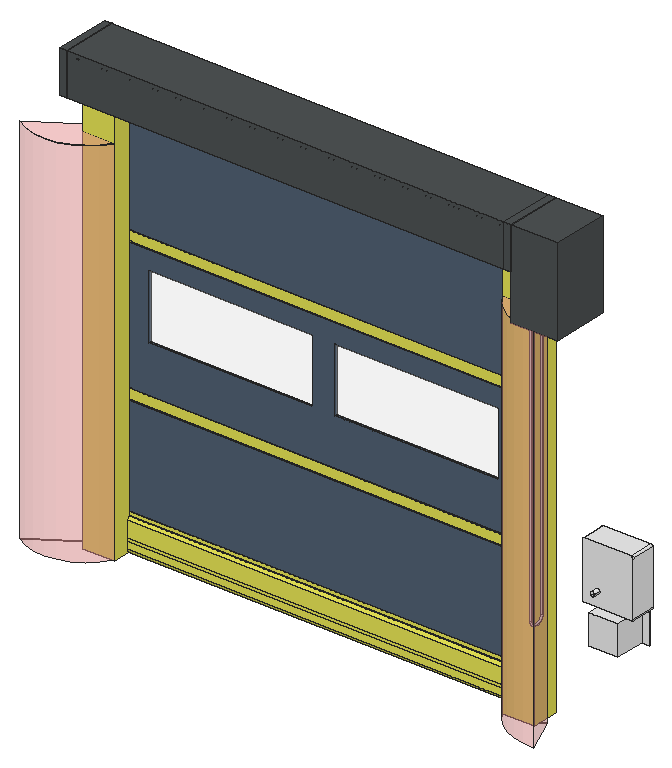
Revit family "Doors_Industrial_Wayne-Dalton_Heaviest-Fabric-High-Speed-Door-Model-884-ADV-Xtreme_", category Specialty Equipment, host Wall, Revit 2019 (continued)
Definition of nested family "Lifts"
  Definition of nested family "General Motor"
    Automatic sketch dimensions
      curve 6 to curve 2 = 1.32157"
      plane 12 "Offset Width" to curve 2 = 1.00344"
      plane 12 "Offset Width" to curve 1 = 1.00344"
      curve 3 to plane 12 "Offset Width" = 1.39712"
      curve 5 to plane 12 "Offset Width" = 1.402"
      curve 5 to curve 5 = 3"
      curve 4 to curve 3 = 1.132"
      Sweep 10 sketch curve to plane 12 "Offset Width" = 0.56157"
      Extrusion 11 sketch curve to plane 10 = 19 1/2"
      radius of Extrusion 9 sketch curve = 1.34"
      radius of Sweep 10 sketch curve = 0.2675"
      radius of Masking region 2 sketch curve = 2.598"
Definition of nested family "Panel"
  Parameters (values of type "Panel")
    Window Width = (Width - 7" * (Dop Array Count) - 6" * 2) / Array Count  # 50 1/2"
    Window Thickness = 169/256"  # constant formula
    Window Material = none
    Window Height = 20"
    Width = 120"
    Void Offset = 0"
    VP = yes
    Struts Array Visibility = if(Struts Array < 2, 1 = 2, 1 = 1)  # yes
    Struts Array Real = if(Struts Array < 2, 2, Struts Array)  # 2
    Struts Array = rounddown((Height Real - 1 221/256") / 43 3/4")  # 2
    Struts 1 Visibility = if(Struts Array < 2, 1 = 1, 1 = 2)  # no
    Reverse Offset = 0"
    Panel Material = none
    Offset = 0"
    No VP = not(VP)  # no
    Negative Window Thickness = -Window Thickness  # -169/256"
    Many Window = if(No VP, 1 = 2, not([1 Window]))  # yes
    Hood Offset = 14"  # constant formula
    Height Real = Height + Hood Offset  # 129 1/2"
    Height = 115 1/2"
    Headroom Option = 1
    Finish Material = none
    Dop Array Count = Array Count - 1  # 1
    Default Elevation = 48"
    Array Count Real = if(Array Count = 1, 2, Array Count)  # 2
    Array Count = if(or(Width < 95", Width = 95"), 1, if(or(Width = 131", Width < 131"), 2, if(or(Width = 167", Width < 167"), 3, if(or(Width = 203", Width < 203"), 4, if(or(Width = 251", Width < 251"), 5, if(or(Width = 287", Width < 287"), 6, if(Width > 299", 7, 7)))))))  # 2
    1 Window Offset = if(Array Count = 7, Width / 2, 6" + (Window Width / 2))  # 31 1/4"
    1 Window = if(No VP, 1 = 2, if(Array Count = 1, 1 = 1, 1 = 2))  # no
  Reference planes (in)
    plane 1 "Center (Front/Back)": y = 0
    plane 2: z = 0
    plane 3 "Center (Left/Right)": x = 0
    plane 4: z = 129.5
    plane 5: x = -60
    plane 6: x = 60
    plane 7: x = -69.6875
    plane 8: x = 69.6875
    plane 9: x = -54
    plane 10: x = 54
    plane 11: z = 60
    plane 12: z = 80
    plane 13: x = -8
    plane 14: x = -28.75
    plane 15: z = 70
    plane 16: y = 0
    plane 17: z = 45.614
    plane 18: z = 89.364
  Forms (in)
    Extrusion 1, solid, material <- "Panel Material", visible <- "VP"
      sketch origin (0, 0, 0) x (1, 0, 0) y (0, 0, 1)
        loop
          line (-60, 0.5) -> (60, 0.5) -> (60, 129.5) -> (-60, 129.5) -> (-60, 0.5)
      from 0 to 0.66016
    Extrusion 2, solid, material <- "Window Material", visible <- "1 Window"
      sketch origin (0, 0, 0) x (1, 0, 0) y (0, 0, 1)
        loop
          line (-25.25, 80) -> (-25.25, 60) -> (25.25, 60) -> (25.25, 80) -> (-25.25, 80)
      from 0 to 0.16
    Extrusion 3, void
      sketch origin (0, 0, 0) x (1, 0, 0) y (0, 0, 1)
        loop
          line (-54, 80) -> (-54, 60) -> (-3.5, 60) -> (-3.5, 80) -> (-54, 80)
      from 0 to 0.66016
    Extrusion 4, void
      sketch origin (0, 0, 0) x (1, 0, 0) y (0, 0, 1)
        loop
          line (-54, 80) -> (-54, 60) -> (-3.5, 60) -> (-3.5, 80) -> (-54, 80)
      from 0 to 0.66016
    Extrusion 5, void
      sketch origin (0, 0, 0) x (1, 0, 0) y (0, 0, 1)
        loop
          line (54, 80) -> (3.5, 80) -> (3.5, 60) -> (54, 60) -> (54, 80)
      from 0 to 0.66016
    Extrusion 6, solid, material <- "Window Material", visible <- "1 Window"
      sketch origin (0, 0, 0) x (1, 0, 0) y (0, 0, 1)
        loop
          line (3.5, 80) -> (3.5, 60) -> (54, 60) -> (54, 80) -> (3.5, 80)
      from 0 to 0.66016 <- "Window Thickness"
    Extrusion 7, solid, material <- "Window Material", visible <- "Many Window"
      sketch origin (43.52023, 0, 2) x (1, 0, 0) y (0, 0, 1)
        loop
          line (-97.52023, 78) -> (-97.52023, 58) -> (-47.02023, 58) -> (-47.02023, 78) -> (-97.52023, 78)
      from 0 to 0.16
    Extrusion 8, solid, material <- "Window Material", visible <- "Many Window"
      sketch origin (101.02023, 0, 2) x (1, 0, 0) y (0, 0, 1)
        loop
          line (-97.52023, 78) -> (-97.52023, 58) -> (-47.02023, 58) -> (-47.02023, 78) -> (-97.52023, 78)
      from 0 to 0.16
    Extrusion 9, void
      sketch origin (0, 0, 0) x (1, 0, 0) y (0, 0, 1)
        loop
          line (3.5, 80) -> (3.5, 60) -> (54, 60) -> (54, 80) -> (3.5, 80)
      from 0 to 0.66016 <- "Window Thickness"
    Extrusion 10, void
      sketch origin (0, 0, 0) x (1, 0, 0) y (0, 0, 1)
        loop
          line (61, 80) -> (61, 60) -> (111.5, 60) -> (111.5, 80) -> (61, 80)
      from 0 to 0.66016 <- "Window Thickness"
    Extrusion 11, void
      sketch origin (0, 0, 0) x (1, 0, 0) y (0, 0, 1)
        loop
          line (-54, 80) -> (-54, 60) -> (-3.5, 60) -> (-3.5, 80) -> (-54, 80)
      from 0 to 0.66016 <- "Window Thickness"
    Extrusion 12, void
      sketch origin (0, 0, 0) x (1, 0, 0) y (0, 0, 1)
        loop
          line (-111.5, 80) -> (-111.5, 60) -> (-61, 60) -> (-61, 80) -> (-111.5, 80)
      from 0 to 0.66016 <- "Window Thickness"
    Extrusion 13, solid, material <- "Panel Material", visible <- "No VP"
      sketch origin (0, 0, 0) x (1, 0, 0) y (0, 0, 1)
        loop
          line (-60, 129.5) -> (-60, 0.5) -> (60, 0.5) -> (60, 129.5) -> (-60, 129.5)
      from 0 to 0.66016
    Extrusion 14, solid, material <- "Finish Material", visible <- "Struts Array Visibility"
      sketch origin (60, -180, -14.67051) x (0, 0, -1) y (0, -1, 0)
        loop
          arc (-60.00619, -179.29397) -> (-60.15847, -179.32628) -> (-60.28451, -179.41765) r 0.375
          line (-60.28451, -179.41765) -> (-60.28451, -179.92029)
          arc (-60.28451, -179.92029) -> (-60.15847, -180.01166) -> (-60.00619, -180.04397) r 0.375
          line (-60.00619, -180.04397) -> (-56.93151, -180.04397)
          arc (-56.93151, -180.04397) -> (-56.55651, -179.66897) -> (-56.93151, -179.29397) r 0.375
          line (-56.93151, -179.29397) -> (-60.00619, -179.29397)
      from 0 to 120 <- "Width"
    Extrusion 15, solid, material <- "Finish Material", visible <- "Struts 1 Visibility"
      sketch origin (0, -0.25103, -1.86388) x (0, 1, 0) y (0, 0, 1)
        loop
          line (-0.455, 47.19956) -> (-0.455, 44.125)
          arc (-0.455, 44.125) -> (-0.08, 43.75) -> (0.295, 44.125) r 0.375
          line (0.295, 44.125) -> (0.295, 47.19956)
          arc (0.295, 47.19956) -> (0.26269, 47.35184) -> (0.17132, 47.47788) r 0.375
          line (0.17132, 47.47788) -> (-0.33132, 47.47788)
          arc (-0.33132, 47.47788) -> (-0.42269, 47.35184) -> (-0.455, 47.19956) r 0.375
      from -60 to 60
    Extrusion 16, solid, material <- "Finish Material", visible <- "Struts Array Visibility"
      sketch origin (60, -180, 29.07949) x (0, 0, -1) y (0, -1, 0)
        loop
          arc (-60.00619, -179.29397) -> (-60.15847, -179.32628) -> (-60.28451, -179.41765) r 0.375
          line (-60.28451, -179.41765) -> (-60.28451, -179.92029)
          arc (-60.28451, -179.92029) -> (-60.15847, -180.01166) -> (-60.00619, -180.04397) r 0.375
          line (-60.00619, -180.04397) -> (-56.93151, -180.04397)
          arc (-56.93151, -180.04397) -> (-56.55651, -179.66897) -> (-56.93151, -179.29397) r 0.375
          line (-56.93151, -179.29397) -> (-60.00619, -179.29397)
      from 0 to 120 <- "Width"
  Cuts and joins
    Extrusion 3, Extrusion 4, Extrusion 5, Extrusion 9, Extrusion 10, Extrusion 11, Extrusion 12 cuts Extrusion 1
  Dimensions and locks (in)
    equal spacing: plane 5, plane 3 "Center (Left/Right)", plane 6
    "Width": plane 5 to plane 6
    "Height Real": plane 4 to level
    locked: plane 7 to plane 5 at 9.6875
    locked: plane 6 to plane 8 at 9.6875
    "Window Height": plane 12 to plane 11
    locked: Extrusion 1 sketch curve to level at 0.5
    locked: plane 7 to plane 9 at 15.6875
    "1 Window Offset": plane 5 to plane 14
    equal spacing: Extrusion 3 sketch curve, plane 14, Extrusion 3 sketch curve
    "Window Width": Extrusion 3 sketch curve to Extrusion 3 sketch curve
    "Window Width": plane 9 to Extrusion 4 sketch curve
    "Window Width": plane 10 to Extrusion 5 sketch curve
    equal spacing: Extrusion 2 sketch curve, plane 3 "Center (Left/Right)", Extrusion 2 sketch curve
    "Window Width": Extrusion 2 sketch curve to Extrusion 2 sketch curve
    equal spacing: Extrusion 6 sketch curve, plane 3 "Center (Left/Right)", cut or joined group 1 (Extrusion 1, Extrusion 3, Extrusion 4, Extrusion 5, Extrusion 9, Extrusion 10, Extrusion 11, Extrusion 12)
    "Window Width": Extrusion 6 sketch curve to Extrusion 6 sketch curve
    "Window Width": Extrusion 7 sketch curve to Extrusion 7 sketch curve
    "Window Width": Extrusion 8 sketch curve to Extrusion 8 sketch curve
    group 1 to group 2 = 57 1/2"
    group 1 to group 2 = 0"  (x2)
    locked: plane 8 to plane 10 at 15.6875
    locked: Extrusion 9 sketch curve to Extrusion 7 at 7
    "Window Width": Extrusion 9 sketch curve to Extrusion 9 sketch curve
    locked: Extrusion 10 sketch curve to cut or joined group 1 at 7
    "Window Width": Extrusion 10 sketch curve to Extrusion 10 sketch curve
    locked: Extrusion 11 sketch curve to Extrusion 8 at 7
    "Window Width": Extrusion 11 sketch curve to Extrusion 11 sketch curve
    locked: Extrusion 12 sketch curve to cut or joined group 1 at 7
    "Window Width": Extrusion 12 sketch curve to Extrusion 12 sketch curve
    locked: plane 15 to level at 70
    equal spacing: plane 12, plane 15, plane 11
    locked: plane 17 to level at 45.614
    locked: plane 18 to plane 17 at 43.75
    group 4 to group 3 = 0"
    group 3 to group 4 = 0"
    group 3 to group 4 = 43 3/4"
    aligned and locked: plane 2 to level
    aligned and locked: Extrusion 1 sketch curve to plane 5
    aligned and locked: Extrusion 1 sketch curve to plane 6
    aligned and locked: Extrusion 1 sketch curve to plane 4
    aligned and locked: Extrusion 2 sketch curve to plane 12
    aligned and locked: Extrusion 2 sketch curve to plane 11
    aligned and locked: Extrusion 4 sketch curve to plane 12
    aligned and locked: Extrusion 4 sketch curve to plane 11
    aligned and locked: Extrusion 4 sketch curve to plane 9
    aligned and locked: Extrusion 5 sketch curve to plane 10
    aligned and locked: Extrusion 5 sketch curve to plane 12
    aligned and locked: Extrusion 5 sketch curve to plane 11
    aligned and locked: Extrusion 3 sketch curve to plane 12
    aligned and locked: plane 11 to Extrusion 3 sketch curve
    aligned and locked: Extrusion 6 sketch curve to plane 12
    aligned and locked: plane 11 to Extrusion 6 sketch curve
    aligned and locked: plane 9 to Extrusion 7
    aligned and locked: plane 10 to Extrusion 8
    aligned and locked: Extrusion 8 to plane 11
    aligned and locked: Extrusion 7 to plane 11
    aligned and locked: Extrusion 9 sketch curve to plane 12
    aligned and locked: plane 11 to Extrusion 9 sketch curve
    aligned and locked: Extrusion 10 sketch curve to plane 12
    aligned and locked: plane 11 to Extrusion 10 sketch curve
    aligned and locked: Extrusion 11 sketch curve to plane 12
    aligned and locked: plane 11 to Extrusion 11 sketch curve
    aligned and locked: Extrusion 12 sketch curve to plane 12
    aligned and locked: plane 11 to Extrusion 12 sketch curve
    aligned and locked: Extrusion 13 sketch curve to cut or joined group 1  (x4)
    aligned and locked: Extrusion 15 to plane 6
    aligned and locked: plane 5 to Extrusion 15
    aligned and locked: plane 17 to Extrusion 15
    aligned and locked: plane 18 to Extrusion 16
    aligned and locked: plane 17 to Extrusion 14
    aligned and locked: Extrusion 14 to plane 6
    aligned and locked: Extrusion 16 to plane 6
  Automatic sketch dimensions
    Extrusion 7 sketch curve to Extrusion 7 sketch curve = 20"
    Extrusion 8 sketch curve to Extrusion 8 sketch curve = 20"
    Extrusion 15 sketch curve to Extrusion 15 sketch curve = 0"  (x2)
    Extrusion 15 sketch curve to Extrusion 15 sketch curve = 0.12368"
    plane 1 "Center (Front/Back)" to Extrusion 15 sketch curve = 0.33103"  (x2)
    plane 1 "Center (Front/Back)" to Extrusion 15 sketch curve = 0.07971"
    Extrusion 15 sketch curve to plane 17 = 3.35288"
    Extrusion 15 sketch curve to Extrusion 15 sketch curve = 3.07456"
    Extrusion 14 sketch curve to Extrusion 14 sketch curve = 0"  (x2)
    Extrusion 14 sketch curve to Extrusion 14 sketch curve = 0.27832"
    Extrusion 14 sketch curve to Extrusion 14 sketch curve = 3.07468"
    Extrusion 14 sketch curve to Extrusion 14 sketch curve = 0.12368"
    Extrusion 14 sketch curve to Extrusion 14 sketch curve = 3/8"
    Extrusion 16 sketch curve to Extrusion 16 sketch curve = 0"  (x2)
    Extrusion 16 sketch curve to Extrusion 16 sketch curve = 0.27832"
    Extrusion 16 sketch curve to Extrusion 16 sketch curve = 3.07468"
    Extrusion 16 sketch curve to Extrusion 16 sketch curve = 0.12368"
    Extrusion 16 sketch curve to Extrusion 16 sketch curve = 3/8"
Types (4): name | Hood Option | External Transformer | Voltage | Apparent Load Phase 3 | Apparent Load Phase 2 | Apparent Load Phase 1
  208 volts, three phase, 60 Hz (190-207 V range) | 1 | yes | 208 V | 2401.78 VA | 2401.78 VA | 2401.78 VA
  230 volts, three phase, 60 Hz (208-245 V range) | 0 | no | 230 V | 2655.81 VA | 2655.81 VA | 2655.81 VA
  460 volts, three phase, 60 Hz (456-495 V range) | 0 | no | 460 V | 5311.62 VA | 5311.62 VA | 5311.62 VA
  575 volts, three phase, 60 Hz | 0 | yes | 575 V | 6639.53 VA | 6639.53 VA | 6639.53 VA
